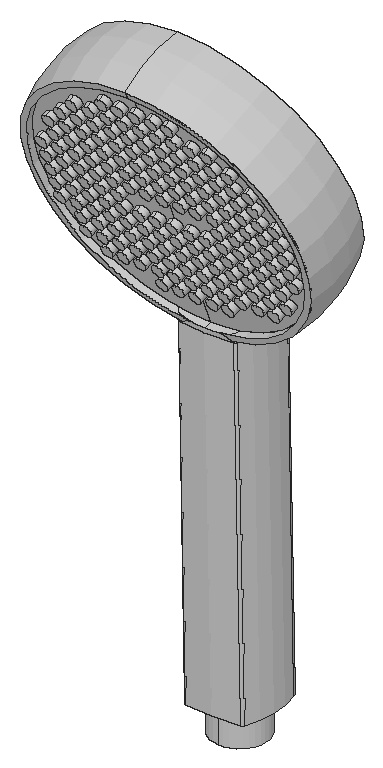
Revit family "Sanitary_Showers_hansgrohe_28031XXX-Activera-S-Hand-shower-100_1jet_EcoSmart", category Plumbing Fixtures, host Face, Revit 2022 (continued)
Lines and regions (mm)
  symbolic lines, detail levels fine
    curve 263: spline (28.458, 0, 159.79) -> (27.94, 0, 159.853) -> (27.458, 0, 160.039) -> (27.044, 0, 160.335) -> (26.726, 0, 160.72) -> (26.526, 0, 161.169) -> (26.458, 0, 161.65) -> (26.526, 0, 162.132) -> (26.726, 0, 162.58) -> (27.044, 0, 162.966) -> (27.458, 0, 163.261) -> (27.94, 0, 163.447) -> (28.458, 0, 163.511)
    curve 264: spline (22.933, 0, 163.511) -> (23.451, 0, 163.447) -> (23.933, 0, 163.261) -> (24.348, 0, 162.966) -> (24.665, 0, 162.58) -> (24.865, 0, 162.132) -> (24.933, 0, 161.65) -> (24.865, 0, 161.169) -> (24.665, 0, 160.72) -> (24.348, 0, 160.335) -> (23.933, 0, 160.039) -> (23.451, 0, 159.853) -> (22.933, 0, 159.79)
    curve 265: spline (22.933, 0, 159.79) -> (22.416, 0, 159.853) -> (21.933, 0, 160.039) -> (21.519, 0, 160.335) -> (21.201, 0, 160.72) -> (21.001, 0, 161.169) -> (20.933, 0, 161.65) -> (21.001, 0, 162.132) -> (21.201, 0, 162.58) -> (21.519, 0, 162.966) -> (21.933, 0, 163.261) -> (22.416, 0, 163.447) -> (22.933, 0, 163.511)
    curve 266: spline (17.186, 0, 163.511) -> (17.704, 0, 163.447) -> (18.186, 0, 163.261) -> (18.6, 0, 162.966) -> (18.918, 0, 162.58) -> (19.118, 0, 162.132) -> (19.186, 0, 161.65) -> (19.118, 0, 161.169) -> (18.918, 0, 160.72) -> (18.6, 0, 160.335) -> (18.186, 0, 160.039) -> (17.704, 0, 159.853) -> (17.186, 0, 159.79)
    curve 267: spline (17.186, 0, 159.79) -> (16.668, 0, 159.853) -> (16.186, 0, 160.039) -> (15.772, 0, 160.335) -> (15.454, 0, 160.72) -> (15.254, 0, 161.169) -> (15.186, 0, 161.65) -> (15.254, 0, 162.132) -> (15.454, 0, 162.58) -> (15.772, 0, 162.966) -> (16.186, 0, 163.261) -> (16.668, 0, 163.447) -> (17.186, 0, 163.511)
    curve 268: spline (39.772, 0, 173.742) -> (40.29, 0, 173.679) -> (40.772, 0, 173.493) -> (41.186, 0, 173.198) -> (41.504, 0, 172.812) -> (41.704, 0, 172.364) -> (41.772, 0, 171.882) -> (41.704, 0, 171.401) -> (41.504, 0, 170.952) -> (41.186, 0, 170.567) -> (40.772, 0, 170.271) -> (40.29, 0, 170.085) -> (39.772, 0, 170.022)
    curve 269: spline (39.772, 0, 170.022) -> (39.254, 0, 170.085) -> (38.772, 0, 170.271) -> (38.358, 0, 170.567) -> (38.04, 0, 170.952) -> (37.84, 0, 171.401) -> (37.772, 0, 171.882) -> (37.84, 0, 172.364) -> (38.04, 0, 172.812) -> (38.358, 0, 173.198) -> (38.772, 0, 173.493) -> (39.254, 0, 173.679) -> (39.772, 0, 173.742)
    curve 270: spline (39.772, 0, 168.627) -> (40.29, 0, 168.563) -> (40.772, 0, 168.377) -> (41.186, 0, 168.082) -> (41.504, 0, 167.696) -> (41.704, 0, 167.248) -> (41.772, 0, 166.766) -> (41.704, 0, 166.285) -> (41.504, 0, 165.836) -> (41.186, 0, 165.451) -> (40.772, 0, 165.155) -> (40.29, 0, 164.969) -> (39.772, 0, 164.906)
    curve 271: spline (39.772, 0, 164.906) -> (39.254, 0, 164.969) -> (38.772, 0, 165.155) -> (38.358, 0, 165.451) -> (38.04, 0, 165.836) -> (37.84, 0, 166.285) -> (37.772, 0, 166.766) -> (37.84, 0, 167.248) -> (38.04, 0, 167.696) -> (38.358, 0, 168.082) -> (38.772, 0, 168.377) -> (39.254, 0, 168.563) -> (39.772, 0, 168.627)
    curve 272: spline (39.772, 0, 163.511) -> (40.29, 0, 163.447) -> (40.772, 0, 163.261) -> (41.186, 0, 162.966) -> (41.504, 0, 162.58) -> (41.704, 0, 162.132) -> (41.772, 0, 161.65) -> (41.704, 0, 161.169) -> (41.504, 0, 160.72) -> (41.186, 0, 160.335) -> (40.772, 0, 160.039) -> (40.29, 0, 159.853) -> (39.772, 0, 159.79)
    curve 273: spline (39.772, 0, 159.79) -> (39.254, 0, 159.853) -> (38.772, 0, 160.039) -> (38.358, 0, 160.335) -> (38.04, 0, 160.72) -> (37.84, 0, 161.169) -> (37.772, 0, 161.65) -> (37.84, 0, 162.132) -> (38.04, 0, 162.58) -> (38.358, 0, 162.966) -> (38.772, 0, 163.261) -> (39.254, 0, 163.447) -> (39.772, 0, 163.511)
    curve 274: spline (34.133, 0, 158.395) -> (34.65, 0, 158.331) -> (35.133, 0, 158.145) -> (35.547, 0, 157.85) -> (35.865, 0, 157.464) -> (36.065, 0, 157.016) -> (36.133, 0, 156.534) -> (36.065, 0, 156.053) -> (35.865, 0, 155.604) -> (35.547, 0, 155.219) -> (35.133, 0, 154.923) -> (34.65, 0, 154.737) -> (34.133, 0, 154.674)
    curve 275: spline (34.133, 0, 154.674) -> (33.615, 0, 154.737) -> (33.133, 0, 154.923) -> (32.718, 0, 155.219) -> (32.401, 0, 155.604) -> (32.201, 0, 156.053) -> (32.133, 0, 156.534) -> (32.201, 0, 157.016) -> (32.401, 0, 157.464) -> (32.718, 0, 157.85) -> (33.133, 0, 158.145) -> (33.615, 0, 158.331) -> (34.133, 0, 158.395)
    curve 276: spline (28.458, 0, 158.395) -> (28.976, 0, 158.331) -> (29.458, 0, 158.145) -> (29.872, 0, 157.85) -> (30.19, 0, 157.464) -> (30.39, 0, 157.016) -> (30.458, 0, 156.534) -> (30.39, 0, 156.053) -> (30.19, 0, 155.604) -> (29.872, 0, 155.219) -> (29.458, 0, 154.923) -> (28.976, 0, 154.737) -> (28.458, 0, 154.674)
    curve 277: spline (28.458, 0, 154.674) -> (27.94, 0, 154.737) -> (27.458, 0, 154.923) -> (27.044, 0, 155.219) -> (26.726, 0, 155.604) -> (26.526, 0, 156.053) -> (26.458, 0, 156.534) -> (26.526, 0, 157.016) -> (26.726, 0, 157.464) -> (27.044, 0, 157.85) -> (27.458, 0, 158.145) -> (27.94, 0, 158.331) -> (28.458, 0, 158.395)
    curve 278: spline (22.933, 0, 158.395) -> (23.451, 0, 158.331) -> (23.933, 0, 158.145) -> (24.348, 0, 157.85) -> (24.665, 0, 157.464) -> (24.865, 0, 157.016) -> (24.933, 0, 156.534) -> (24.865, 0, 156.053) -> (24.665, 0, 155.604) -> (24.348, 0, 155.219) -> (23.933, 0, 154.923) -> (23.451, 0, 154.737) -> (22.933, 0, 154.674)
    curve 279: spline (22.933, 0, 154.674) -> (22.416, 0, 154.737) -> (21.933, 0, 154.923) -> (21.519, 0, 155.219) -> (21.201, 0, 155.604) -> (21.001, 0, 156.053) -> (20.933, 0, 156.534) -> (21.001, 0, 157.016) -> (21.201, 0, 157.464) -> (21.519, 0, 157.85) -> (21.933, 0, 158.145) -> (22.416, 0, 158.331) -> (22.933, 0, 158.395)
    curve 280: spline (17.186, 0, 158.395) -> (17.704, 0, 158.331) -> (18.186, 0, 158.145) -> (18.6, 0, 157.85) -> (18.918, 0, 157.464) -> (19.118, 0, 157.016) -> (19.186, 0, 156.534) -> (19.118, 0, 156.053) -> (18.918, 0, 155.604) -> (18.6, 0, 155.219) -> (18.186, 0, 154.923) -> (17.704, 0, 154.737) -> (17.186, 0, 154.674)
    curve 281: spline (17.186, 0, 154.674) -> (16.668, 0, 154.737) -> (16.186, 0, 154.923) -> (15.772, 0, 155.219) -> (15.454, 0, 155.604) -> (15.254, 0, 156.053) -> (15.186, 0, 156.534) -> (15.254, 0, 157.016) -> (15.454, 0, 157.464) -> (15.772, 0, 157.85) -> (16.186, 0, 158.145) -> (16.668, 0, 158.331) -> (17.186, 0, 158.395)
    curve 282: spline (11.272, 0, 158.395) -> (11.79, 0, 158.331) -> (12.272, 0, 158.145) -> (12.686, 0, 157.85) -> (13.004, 0, 157.464) -> (13.204, 0, 157.016) -> (13.272, 0, 156.534) -> (13.204, 0, 156.053) -> (13.004, 0, 155.604) -> (12.686, 0, 155.219) -> (12.272, 0, 154.923) -> (11.79, 0, 154.737) -> (11.272, 0, 154.674)
    curve 283: spline (11.272, 0, 154.674) -> (10.754, 0, 154.737) -> (10.272, 0, 154.923) -> (9.858, 0, 155.219) -> (9.54, 0, 155.604) -> (9.34, 0, 156.053) -> (9.272, 0, 156.534) -> (9.34, 0, 157.016) -> (9.54, 0, 157.464) -> (9.858, 0, 157.85) -> (10.272, 0, 158.145) -> (10.754, 0, 158.331) -> (11.272, 0, 158.395)
    curve 284: spline (5.747, 0, 158.395) -> (6.265, 0, 158.331) -> (6.747, 0, 158.145) -> (7.162, 0, 157.85) -> (7.479, 0, 157.464) -> (7.679, 0, 157.016) -> (7.747, 0, 156.534) -> (7.679, 0, 156.053) -> (7.479, 0, 155.604) -> (7.162, 0, 155.219) -> (6.747, 0, 154.923) -> (6.265, 0, 154.737) -> (5.747, 0, 154.674)
    curve 285: spline (5.747, 0, 154.674) -> (5.23, 0, 154.737) -> (4.747, 0, 154.923) -> (4.333, 0, 155.219) -> (4.015, 0, 155.604) -> (3.816, 0, 156.053) -> (3.747, 0, 156.534) -> (3.816, 0, 157.016) -> (4.015, 0, 157.464) -> (4.333, 0, 157.85) -> (4.747, 0, 158.145) -> (5.23, 0, 158.331) -> (5.747, 0, 158.395)
    curve 286: spline (39.772, 0, 158.395) -> (40.29, 0, 158.331) -> (40.772, 0, 158.145) -> (41.186, 0, 157.85) -> (41.504, 0, 157.464) -> (41.704, 0, 157.016) -> (41.772, 0, 156.534) -> (41.704, 0, 156.053) -> (41.504, 0, 155.604) -> (41.186, 0, 155.219) -> (40.772, 0, 154.923) -> (40.29, 0, 154.737) -> (39.772, 0, 154.674)
    curve 287: spline (39.772, 0, 154.674) -> (39.254, 0, 154.737) -> (38.772, 0, 154.923) -> (38.358, 0, 155.219) -> (38.04, 0, 155.604) -> (37.84, 0, 156.053) -> (37.772, 0, 156.534) -> (37.84, 0, 157.016) -> (38.04, 0, 157.464) -> (38.358, 0, 157.85) -> (38.772, 0, 158.145) -> (39.254, 0, 158.331) -> (39.772, 0, 158.395)
    curve 288: spline (34.133, 0, 153.279) -> (34.65, 0, 153.215) -> (35.133, 0, 153.029) -> (35.547, 0, 152.734) -> (35.865, 0, 152.349) -> (36.065, 0, 151.9) -> (36.133, 0, 151.418) -> (36.065, 0, 150.937) -> (35.865, 0, 150.488) -> (35.547, 0, 150.103) -> (35.133, 0, 149.807) -> (34.65, 0, 149.621) -> (34.133, 0, 149.558)
    curve 289: spline (34.133, 0, 149.558) -> (33.615, 0, 149.621) -> (33.133, 0, 149.807) -> (32.718, 0, 150.103) -> (32.401, 0, 150.488) -> (32.201, 0, 150.937) -> (32.133, 0, 151.418) -> (32.201, 0, 151.9) -> (32.401, 0, 152.349) -> (32.718, 0, 152.734) -> (33.133, 0, 153.029) -> (33.615, 0, 153.215) -> (34.133, 0, 153.279)
    curve 290: spline (28.458, 0, 153.279) -> (28.976, 0, 153.215) -> (29.458, 0, 153.029) -> (29.872, 0, 152.734) -> (30.19, 0, 152.349) -> (30.39, 0, 151.9) -> (30.458, 0, 151.418) -> (30.39, 0, 150.937) -> (30.19, 0, 150.488) -> (29.872, 0, 150.103) -> (29.458, 0, 149.807) -> (28.976, 0, 149.621) -> (28.458, 0, 149.558)
    curve 291: spline (28.458, 0, 149.558) -> (27.94, 0, 149.621) -> (27.458, 0, 149.807) -> (27.044, 0, 150.103) -> (26.726, 0, 150.488) -> (26.526, 0, 150.937) -> (26.458, 0, 151.418) -> (26.526, 0, 151.9) -> (26.726, 0, 152.349) -> (27.044, 0, 152.734) -> (27.458, 0, 153.029) -> (27.94, 0, 153.215) -> (28.458, 0, 153.279)
    curve 292: spline (22.933, 0, 153.279) -> (23.451, 0, 153.215) -> (23.933, 0, 153.029) -> (24.348, 0, 152.734) -> (24.665, 0, 152.349) -> (24.865, 0, 151.9) -> (24.933, 0, 151.418) -> (24.865, 0, 150.937) -> (24.665, 0, 150.488) -> (24.348, 0, 150.103) -> (23.933, 0, 149.807) -> (23.451, 0, 149.621) -> (22.933, 0, 149.558)
    curve 293: spline (22.933, 0, 149.558) -> (22.416, 0, 149.621) -> (21.933, 0, 149.807) -> (21.519, 0, 150.103) -> (21.201, 0, 150.488) -> (21.001, 0, 150.937) -> (20.933, 0, 151.418) -> (21.001, 0, 151.9) -> (21.201, 0, 152.349) -> (21.519, 0, 152.734) -> (21.933, 0, 153.029) -> (22.416, 0, 153.215) -> (22.933, 0, 153.279)
    curve 294: spline (17.186, 0, 153.279) -> (17.704, 0, 153.215) -> (18.186, 0, 153.029) -> (18.6, 0, 152.734) -> (18.918, 0, 152.349) -> (19.118, 0, 151.9) -> (19.186, 0, 151.418) -> (19.118, 0, 150.937) -> (18.918, 0, 150.488) -> (18.6, 0, 150.103) -> (18.186, 0, 149.807) -> (17.704, 0, 149.621) -> (17.186, 0, 149.558)
    curve 295: spline (17.186, 0, 149.558) -> (16.668, 0, 149.621) -> (16.186, 0, 149.807) -> (15.772, 0, 150.103) -> (15.454, 0, 150.488) -> (15.254, 0, 150.937) -> (15.186, 0, 151.418) -> (15.254, 0, 151.9) -> (15.454, 0, 152.349) -> (15.772, 0, 152.734) -> (16.186, 0, 153.029) -> (16.668, 0, 153.215) -> (17.186, 0, 153.279)
    curve 296: spline (11.272, 0, 153.279) -> (11.79, 0, 153.215) -> (12.272, 0, 153.029) -> (12.686, 0, 152.734) -> (13.004, 0, 152.349) -> (13.204, 0, 151.9) -> (13.272, 0, 151.418) -> (13.204, 0, 150.937) -> (13.004, 0, 150.488) -> (12.686, 0, 150.103) -> (12.272, 0, 149.807) -> (11.79, 0, 149.621) -> (11.272, 0, 149.558)
    curve 297: spline (11.272, 0, 149.558) -> (10.754, 0, 149.621) -> (10.272, 0, 149.807) -> (9.858, 0, 150.103) -> (9.54, 0, 150.488) -> (9.34, 0, 150.937) -> (9.272, 0, 151.418) -> (9.34, 0, 151.9) -> (9.54, 0, 152.349) -> (9.858, 0, 152.734) -> (10.272, 0, 153.029) -> (10.754, 0, 153.215) -> (11.272, 0, 153.279)
    curve 298: spline (5.747, 0, 153.279) -> (6.265, 0, 153.215) -> (6.747, 0, 153.029) -> (7.162, 0, 152.734) -> (7.479, 0, 152.349) -> (7.679, 0, 151.9) -> (7.747, 0, 151.418) -> (7.679, 0, 150.937) -> (7.479, 0, 150.488) -> (7.162, 0, 150.103) -> (6.747, 0, 149.807) -> (6.265, 0, 149.621) -> (5.747, 0, 149.558)
    curve 299: spline (5.747, 0, 149.558) -> (5.23, 0, 149.621) -> (4.747, 0, 149.807) -> (4.333, 0, 150.103) -> (4.015, 0, 150.488) -> (3.816, 0, 150.937) -> (3.747, 0, 151.418) -> (3.816, 0, 151.9) -> (4.015, 0, 152.349) -> (4.333, 0, 152.734) -> (4.747, 0, 153.029) -> (5.23, 0, 153.215) -> (5.747, 0, 153.279)
    curve 300: spline (39.772, 0, 153.279) -> (40.29, 0, 153.215) -> (40.772, 0, 153.029) -> (41.186, 0, 152.734) -> (41.504, 0, 152.349) -> (41.704, 0, 151.9) -> (41.772, 0, 151.418) -> (41.704, 0, 150.937) -> (41.504, 0, 150.488) -> (41.186, 0, 150.103) -> (40.772, 0, 149.807) -> (40.29, 0, 149.621) -> (39.772, 0, 149.558)
    curve 301: spline (39.772, 0, 149.558) -> (39.254, 0, 149.621) -> (38.772, 0, 149.807) -> (38.358, 0, 150.103) -> (38.04, 0, 150.488) -> (37.84, 0, 150.937) -> (37.772, 0, 151.418) -> (37.84, 0, 151.9) -> (38.04, 0, 152.349) -> (38.358, 0, 152.734) -> (38.772, 0, 153.029) -> (39.254, 0, 153.215) -> (39.772, 0, 153.279)
    curve 302: spline (34.133, 0, 148.163) -> (34.65, 0, 148.099) -> (35.133, 0, 147.913) -> (35.547, 0, 147.618) -> (35.865, 0, 147.233) -> (36.065, 0, 146.784) -> (36.133, 0, 146.302) -> (36.065, 0, 145.821) -> (35.865, 0, 145.372) -> (35.547, 0, 144.987) -> (35.133, 0, 144.691) -> (34.65, 0, 144.505) -> (34.133, 0, 144.442)
    curve 303: spline (34.133, 0, 144.442) -> (33.615, 0, 144.505) -> (33.133, 0, 144.691) -> (32.718, 0, 144.987) -> (32.401, 0, 145.372) -> (32.201, 0, 145.821) -> (32.133, 0, 146.302) -> (32.201, 0, 146.784) -> (32.401, 0, 147.233) -> (32.718, 0, 147.618) -> (33.133, 0, 147.913) -> (33.615, 0, 148.099) -> (34.133, 0, 148.163)
    curve 304: spline (28.458, 0, 148.163) -> (28.976, 0, 148.099) -> (29.458, 0, 147.913) -> (29.872, 0, 147.618) -> (30.19, 0, 147.233) -> (30.39, 0, 146.784) -> (30.458, 0, 146.302) -> (30.39, 0, 145.821) -> (30.19, 0, 145.372) -> (29.872, 0, 144.987) -> (29.458, 0, 144.691) -> (28.976, 0, 144.505) -> (28.458, 0, 144.442)
    curve 305: spline (28.458, 0, 144.442) -> (27.94, 0, 144.505) -> (27.458, 0, 144.691) -> (27.044, 0, 144.987) -> (26.726, 0, 145.372) -> (26.526, 0, 145.821) -> (26.458, 0, 146.302) -> (26.526, 0, 146.784) -> (26.726, 0, 147.233) -> (27.044, 0, 147.618) -> (27.458, 0, 147.913) -> (27.94, 0, 148.099) -> (28.458, 0, 148.163)
    curve 306: spline (22.933, 0, 148.163) -> (23.451, 0, 148.099) -> (23.933, 0, 147.913) -> (24.348, 0, 147.618) -> (24.665, 0, 147.233) -> (24.865, 0, 146.784) -> (24.933, 0, 146.302) -> (24.865, 0, 145.821) -> (24.665, 0, 145.372) -> (24.348, 0, 144.987) -> (23.933, 0, 144.691) -> (23.451, 0, 144.505) -> (22.933, 0, 144.442)
    curve 307: spline (22.933, 0, 144.442) -> (22.416, 0, 144.505) -> (21.933, 0, 144.691) -> (21.519, 0, 144.987) -> (21.201, 0, 145.372) -> (21.001, 0, 145.821) -> (20.933, 0, 146.302) -> (21.001, 0, 146.784) -> (21.201, 0, 147.233) -> (21.519, 0, 147.618) -> (21.933, 0, 147.913) -> (22.416, 0, 148.099) -> (22.933, 0, 148.163)
    curve 308: spline (17.186, 0, 148.163) -> (17.704, 0, 148.099) -> (18.186, 0, 147.913) -> (18.6, 0, 147.618) -> (18.918, 0, 147.233) -> (19.118, 0, 146.784) -> (19.186, 0, 146.302) -> (19.118, 0, 145.821) -> (18.918, 0, 145.372) -> (18.6, 0, 144.987) -> (18.186, 0, 144.691) -> (17.704, 0, 144.505) -> (17.186, 0, 144.442)
    curve 309: spline (17.186, 0, 144.442) -> (16.668, 0, 144.505) -> (16.186, 0, 144.691) -> (15.772, 0, 144.987) -> (15.454, 0, 145.372) -> (15.254, 0, 145.821) -> (15.186, 0, 146.302) -> (15.254, 0, 146.784) -> (15.454, 0, 147.233) -> (15.772, 0, 147.618) -> (16.186, 0, 147.913) -> (16.668, 0, 148.099) -> (17.186, 0, 148.163)
    curve 310: spline (11.272, 0, 148.163) -> (11.79, 0, 148.099) -> (12.272, 0, 147.913) -> (12.686, 0, 147.618) -> (13.004, 0, 147.233) -> (13.204, 0, 146.784) -> (13.272, 0, 146.302) -> (13.204, 0, 145.821) -> (13.004, 0, 145.372) -> (12.686, 0, 144.987) -> (12.272, 0, 144.691) -> (11.79, 0, 144.505) -> (11.272, 0, 144.442)
    curve 311: spline (11.272, 0, 144.442) -> (10.754, 0, 144.505) -> (10.272, 0, 144.691) -> (9.858, 0, 144.987) -> (9.54, 0, 145.372) -> (9.34, 0, 145.821) -> (9.272, 0, 146.302) -> (9.34, 0, 146.784) -> (9.54, 0, 147.233) -> (9.858, 0, 147.618) -> (10.272, 0, 147.913) -> (10.754, 0, 148.099) -> (11.272, 0, 148.163)
    curve 312: spline (5.747, 0, 148.163) -> (6.265, 0, 148.099) -> (6.747, 0, 147.913) -> (7.162, 0, 147.618) -> (7.479, 0, 147.233) -> (7.679, 0, 146.784) -> (7.747, 0, 146.302) -> (7.679, 0, 145.821) -> (7.479, 0, 145.372) -> (7.162, 0, 144.987) -> (6.747, 0, 144.691) -> (6.265, 0, 144.505) -> (5.747, 0, 144.442)
    curve 313: spline (5.747, 0, 144.442) -> (5.23, 0, 144.505) -> (4.747, 0, 144.691) -> (4.333, 0, 144.987) -> (4.015, 0, 145.372) -> (3.816, 0, 145.821) -> (3.747, 0, 146.302) -> (3.816, 0, 146.784) -> (4.015, 0, 147.233) -> (4.333, 0, 147.618) -> (4.747, 0, 147.913) -> (5.23, 0, 148.099) -> (5.747, 0, 148.163)
    curve 314: spline (34.133, 0, 143.047) -> (34.65, 0, 142.983) -> (35.133, 0, 142.798) -> (35.547, 0, 142.502) -> (35.865, 0, 142.117) -> (36.065, 0, 141.668) -> (36.133, 0, 141.186) -> (36.065, 0, 140.705) -> (35.865, 0, 140.256) -> (35.547, 0, 139.871) -> (35.133, 0, 139.575) -> (34.65, 0, 139.389) -> (34.133, 0, 139.326)
    curve 315: spline (34.133, 0, 139.326) -> (33.615, 0, 139.389) -> (33.133, 0, 139.575) -> (32.718, 0, 139.871) -> (32.401, 0, 140.256) -> (32.201, 0, 140.705) -> (32.133, 0, 141.186) -> (32.201, 0, 141.668) -> (32.401, 0, 142.117) -> (32.718, 0, 142.502) -> (33.133, 0, 142.798) -> (33.615, 0, 142.983) -> (34.133, 0, 143.047)
    curve 316: spline (28.458, 0, 143.047) -> (28.976, 0, 142.983) -> (29.458, 0, 142.798) -> (29.872, 0, 142.502) -> (30.19, 0, 142.117) -> (30.39, 0, 141.668) -> (30.458, 0, 141.186) -> (30.39, 0, 140.705) -> (30.19, 0, 140.256) -> (29.872, 0, 139.871) -> (29.458, 0, 139.575) -> (28.976, 0, 139.389) -> (28.458, 0, 139.326)
    curve 317: spline (28.458, 0, 139.326) -> (27.94, 0, 139.389) -> (27.458, 0, 139.575) -> (27.044, 0, 139.871) -> (26.726, 0, 140.256) -> (26.526, 0, 140.705) -> (26.458, 0, 141.186) -> (26.526, 0, 141.668) -> (26.726, 0, 142.117) -> (27.044, 0, 142.502) -> (27.458, 0, 142.798) -> (27.94, 0, 142.983) -> (28.458, 0, 143.047)
    curve 318: spline (22.933, 0, 143.047) -> (23.451, 0, 142.983) -> (23.933, 0, 142.798) -> (24.348, 0, 142.502) -> (24.665, 0, 142.117) -> (24.865, 0, 141.668) -> (24.933, 0, 141.186) -> (24.865, 0, 140.705) -> (24.665, 0, 140.256) -> (24.348, 0, 139.871) -> (23.933, 0, 139.575) -> (23.451, 0, 139.389) -> (22.933, 0, 139.326)
    curve 319: spline (22.933, 0, 139.326) -> (22.416, 0, 139.389) -> (21.933, 0, 139.575) -> (21.519, 0, 139.871) -> (21.201, 0, 140.256) -> (21.001, 0, 140.705) -> (20.933, 0, 141.186) -> (21.001, 0, 141.668) -> (21.201, 0, 142.117) -> (21.519, 0, 142.502) -> (21.933, 0, 142.798) -> (22.416, 0, 142.983) -> (22.933, 0, 143.047)
    curve 320: spline (17.186, 0, 143.047) -> (17.704, 0, 142.983) -> (18.186, 0, 142.798) -> (18.6, 0, 142.502) -> (18.918, 0, 142.117) -> (19.118, 0, 141.668) -> (19.186, 0, 141.186) -> (19.118, 0, 140.705) -> (18.918, 0, 140.256) -> (18.6, 0, 139.871) -> (18.186, 0, 139.575) -> (17.704, 0, 139.389) -> (17.186, 0, 139.326)
    curve 321: spline (17.186, 0, 139.326) -> (16.668, 0, 139.389) -> (16.186, 0, 139.575) -> (15.772, 0, 139.871) -> (15.454, 0, 140.256) -> (15.254, 0, 140.705) -> (15.186, 0, 141.186) -> (15.254, 0, 141.668) -> (15.454, 0, 142.117) -> (15.772, 0, 142.502) -> (16.186, 0, 142.798) -> (16.668, 0, 142.983) -> (17.186, 0, 143.047)
    curve 322: spline (11.272, 0, 143.047) -> (11.79, 0, 142.983) -> (12.272, 0, 142.798) -> (12.686, 0, 142.502) -> (13.004, 0, 142.117) -> (13.204, 0, 141.668) -> (13.272, 0, 141.186) -> (13.204, 0, 140.705) -> (13.004, 0, 140.256) -> (12.686, 0, 139.871) -> (12.272, 0, 139.575) -> (11.79, 0, 139.389) -> (11.272, 0, 139.326)
    curve 323: spline (11.272, 0, 139.326) -> (10.754, 0, 139.389) -> (10.272, 0, 139.575) -> (9.858, 0, 139.871) -> (9.54, 0, 140.256) -> (9.34, 0, 140.705) -> (9.272, 0, 141.186) -> (9.34, 0, 141.668) -> (9.54, 0, 142.117) -> (9.858, 0, 142.502) -> (10.272, 0, 142.798) -> (10.754, 0, 142.983) -> (11.272, 0, 143.047)
    curve 324: spline (5.747, 0, 143.047) -> (6.265, 0, 142.983) -> (6.747, 0, 142.798) -> (7.162, 0, 142.502) -> (7.479, 0, 142.117) -> (7.679, 0, 141.668) -> (7.747, 0, 141.186) -> (7.679, 0, 140.705) -> (7.479, 0, 140.256) -> (7.162, 0, 139.871) -> (6.747, 0, 139.575) -> (6.265, 0, 139.389) -> (5.747, 0, 139.326)
    curve 325: spline (5.747, 0, 139.326) -> (5.23, 0, 139.389) -> (4.747, 0, 139.575) -> (4.333, 0, 139.871) -> (4.015, 0, 140.256) -> (3.816, 0, 140.705) -> (3.747, 0, 141.186) -> (3.816, 0, 141.668) -> (4.015, 0, 142.117) -> (4.333, 0, 142.502) -> (4.747, 0, 142.798) -> (5.23, 0, 142.983) -> (5.747, 0, 143.047)
    curve 326: spline (28.458, 0, 137.931) -> (28.976, 0, 137.867) -> (29.458, 0, 137.682) -> (29.872, 0, 137.386) -> (30.19, 0, 137.001) -> (30.39, 0, 136.552) -> (30.458, 0, 136.07) -> (30.39, 0, 135.589) -> (30.19, 0, 135.14) -> (29.872, 0, 134.755) -> (29.458, 0, 134.459) -> (28.976, 0, 134.274) -> (28.458, 0, 134.21)
    curve 327: spline (28.458, 0, 134.21) -> (27.94, 0, 134.274) -> (27.458, 0, 134.459) -> (27.044, 0, 134.755) -> (26.726, 0, 135.14) -> (26.526, 0, 135.589) -> (26.458, 0, 136.07) -> (26.526, 0, 136.552) -> (26.726, 0, 137.001) -> (27.044, 0, 137.386) -> (27.458, 0, 137.682) -> (27.94, 0, 137.867) -> (28.458, 0, 137.931)
    curve 328: spline (22.933, 0, 137.931) -> (23.451, 0, 137.867) -> (23.933, 0, 137.682) -> (24.348, 0, 137.386) -> (24.665, 0, 137.001) -> (24.865, 0, 136.552) -> (24.933, 0, 136.07) -> (24.865, 0, 135.589) -> (24.665, 0, 135.14) -> (24.348, 0, 134.755) -> (23.933, 0, 134.459) -> (23.451, 0, 134.274) -> (22.933, 0, 134.21)
    curve 329: spline (22.933, 0, 134.21) -> (22.416, 0, 134.274) -> (21.933, 0, 134.459) -> (21.519, 0, 134.755) -> (21.201, 0, 135.14) -> (21.001, 0, 135.589) -> (20.933, 0, 136.07) -> (21.001, 0, 136.552) -> (21.201, 0, 137.001) -> (21.519, 0, 137.386) -> (21.933, 0, 137.682) -> (22.416, 0, 137.867) -> (22.933, 0, 137.931)
    curve 330: spline (17.186, 0, 137.931) -> (17.704, 0, 137.867) -> (18.186, 0, 137.682) -> (18.6, 0, 137.386) -> (18.918, 0, 137.001) -> (19.118, 0, 136.552) -> (19.186, 0, 136.07) -> (19.118, 0, 135.589) -> (18.918, 0, 135.14) -> (18.6, 0, 134.755) -> (18.186, 0, 134.459) -> (17.704, 0, 134.274) -> (17.186, 0, 134.21)
    curve 331: spline (17.186, 0, 134.21) -> (16.668, 0, 134.274) -> (16.186, 0, 134.459) -> (15.772, 0, 134.755) -> (15.454, 0, 135.14) -> (15.254, 0, 135.589) -> (15.186, 0, 136.07) -> (15.254, 0, 136.552) -> (15.454, 0, 137.001) -> (15.772, 0, 137.386) -> (16.186, 0, 137.682) -> (16.668, 0, 137.867) -> (17.186, 0, 137.931)
    curve 332: spline (11.272, 0, 137.931) -> (11.79, 0, 137.867) -> (12.272, 0, 137.682) -> (12.686, 0, 137.386) -> (13.004, 0, 137.001) -> (13.204, 0, 136.552) -> (13.272, 0, 136.07) -> (13.204, 0, 135.589) -> (13.004, 0, 135.14) -> (12.686, 0, 134.755) -> (12.272, 0, 134.459) -> (11.79, 0, 134.274) -> (11.272, 0, 134.21)
    curve 333: spline (11.272, 0, 134.21) -> (10.754, 0, 134.274) -> (10.272, 0, 134.459) -> (9.858, 0, 134.755) -> (9.54, 0, 135.14) -> (9.34, 0, 135.589) -> (9.272, 0, 136.07) -> (9.34, 0, 136.552) -> (9.54, 0, 137.001) -> (9.858, 0, 137.386) -> (10.272, 0, 137.682) -> (10.754, 0, 137.867) -> (11.272, 0, 137.931)
    curve 334: spline (5.747, 0, 137.931) -> (6.265, 0, 137.867) -> (6.747, 0, 137.682) -> (7.162, 0, 137.386) -> (7.479, 0, 137.001) -> (7.679, 0, 136.552) -> (7.747, 0, 136.07) -> (7.679, 0, 135.589) -> (7.479, 0, 135.14) -> (7.162, 0, 134.755) -> (6.747, 0, 134.459) -> (6.265, 0, 134.274) -> (5.747, 0, 134.21)
    curve 335: spline (5.747, 0, 134.21) -> (5.23, 0, 134.274) -> (4.747, 0, 134.459) -> (4.333, 0, 134.755) -> (4.015, 0, 135.14) -> (3.816, 0, 135.589) -> (3.747, 0, 136.07) -> (3.816, 0, 136.552) -> (4.015, 0, 137.001) -> (4.333, 0, 137.386) -> (4.747, 0, 137.682) -> (5.23, 0, 137.867) -> (5.747, 0, 137.931)
    curve 336: spline (11.272, 0, 132.815) -> (11.79, 0, 132.752) -> (12.272, 0, 132.566) -> (12.686, 0, 132.27) -> (13.004, 0, 131.885) -> (13.204, 0, 131.436) -> (13.272, 0, 130.955) -> (13.204, 0, 130.473) -> (13.004, 0, 130.024) -> (12.686, 0, 129.639) -> (12.272, 0, 129.343) -> (11.79, 0, 129.158) -> (11.272, 0, 129.094)
    curve 337: spline (11.272, 0, 129.094) -> (10.754, 0, 129.158) -> (10.272, 0, 129.343) -> (9.858, 0, 129.639) -> (9.54, 0, 130.024) -> (9.34, 0, 130.473) -> (9.272, 0, 130.955) -> (9.34, 0, 131.436) -> (9.54, 0, 131.885) -> (9.858, 0, 132.27) -> (10.272, 0, 132.566) -> (10.754, 0, 132.752) -> (11.272, 0, 132.815)
    curve 338: spline (5.747, 0, 132.815) -> (6.265, 0, 132.752) -> (6.747, 0, 132.566) -> (7.162, 0, 132.27) -> (7.479, 0, 131.885) -> (7.679, 0, 131.436) -> (7.747, 0, 130.955) -> (7.679, 0, 130.473) -> (7.479, 0, 130.024) -> (7.162, 0, 129.639) -> (6.747, 0, 129.343) -> (6.265, 0, 129.158) -> (5.747, 0, 129.094)
    curve 339: spline (5.747, 0, 129.094) -> (5.23, 0, 129.158) -> (4.747, 0, 129.343) -> (4.333, 0, 129.639) -> (4.015, 0, 130.024) -> (3.816, 0, 130.473) -> (3.747, 0, 130.955) -> (3.816, 0, 131.436) -> (4.015, 0, 131.885) -> (4.333, 0, 132.27) -> (4.747, 0, 132.566) -> (5.23, 0, 132.752) -> (5.747, 0, 132.815)
    curve 340: spline (0, 0, 120.172) -> (-11.826, 0, 121.62) -> (-22.846, 0, 125.866) -> (-32.31, 0, 132.621) -> (-39.571, 0, 141.423) -> (-44.136, 0, 151.674) -> (-45.693, 0, 162.675) -> (-44.136, 0, 173.675) -> (-39.571, 0, 183.926) -> (-32.31, 0, 192.728) -> (-22.846, 0, 199.483) -> (-11.826, 0, 203.729) -> (0, 0, 205.177)
    curve 341: spline (0, 0, 120.172) -> (11.826, 0, 121.62) -> (22.846, 0, 125.866) -> (32.31, 0, 132.621) -> (39.571, 0, 141.423) -> (44.136, 0, 151.674) -> (45.693, 0, 162.675) -> (44.136, 0, 173.675) -> (39.571, 0, 183.926) -> (32.31, 0, 192.728) -> (22.846, 0, 199.483) -> (11.826, 0, 203.729) -> (0, 0, 205.177)
Dimensions and locks
  aligned and locked: plane 2 to host face
  aligned and locked: level to host face
Types (3, lengths in mm): name | Product Page URL | Material 1
  (no name) | "https://www.hansgrohe.com/articledetail--28031000" | Hansgrohe - Metal - 000 Chrome
  000 Chrome | "https://www.hansgrohe.com/articledetail--28031000" | Hansgrohe - Metal - 000 Chrome
  670 Matte Black | "https://www.hansgrohe.com/articledetail--28031670" | Hansgrohe - Metal - 670 Matte Black
